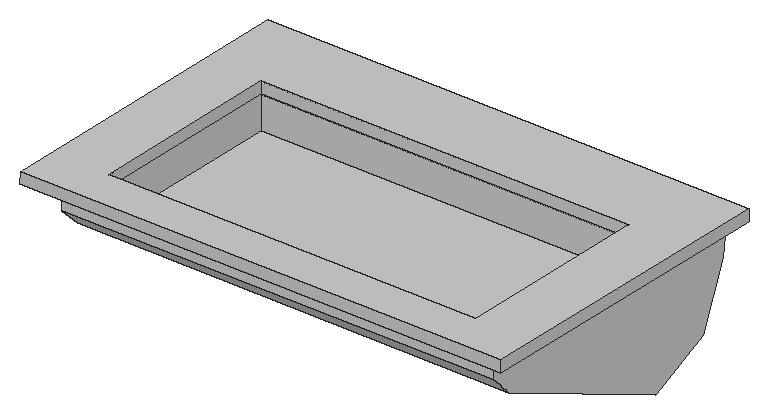
Revit family "Lighting-Steplight-Lucifer-ISL2", category Lighting Fixtures, host Face, Revit 2016
Family settings
  Host = Face
  Part Type = Normal
  Round Connector Dimension = Use Diameter
  Cut with Voids When Loaded = No
  Light Source = Yes
  Shared = No
  Room Calculation Point = No
Parameters
  Wattage = 9.2903 W
  built-in parameter 1150110 = 1 (stored number, unit not read)
  Voltage = 0 V
  URL = "http://www.luciferlighting.com/"
  built-in parameter 1114217 = 1 (stored number, unit not read)
  Tilt Angle = -90.00°
  built-in parameter 1150109 = 1 (stored number, unit not read)
  built-in parameter 1150134 = 3
  built-in parameter 1150113 = 1 (stored number, unit not read)
  Power Factor = 1
  Photometric Web File = "Load File"
  Number of Poles = 1
  built-in parameter 1150142 = (empty or 0)
  Model = "ISL2"
  Manufacturer = "Lucifer Lighting"
  built-in parameter 1150105 = 109.82 (stored number, unit not read)
  Lumens = 1380 lm
  built-in parameter 1150115 = 1 (stored number, unit not read)
  built-in parameter 1150137 = (empty or 0)
  built-in parameter 1150139 = (empty or 0)
  built-in parameter 1150112 = 1 (stored number, unit not read)
  built-in parameter 1150114 = 1 (stored number, unit not read)
  Lamp = "LED"
  built-in parameter 1150132 = (empty or 0)
  built-in parameter 1150102 = (empty or 0)
  built-in parameter 1150107 = 3200 (stored number, unit not read)
  built-in parameter 1150138 = (empty or 0)
  built-in parameter 1150106 = 1.0982 (stored number, unit not read)
  Width = 0' - 4 9/32"
  Length = 0' - 4 9/32"
  Emit from Rectangle Width = 0' - 1 179/256"
  Emit from Rectangle Length = 0' - 3 69/256"
  Emit Shape Visible in Rendering = no
  built-in parameter 1150104 = 13.8 (stored number, unit not read)
  Dimming Lamp Color Temperature Shift = <None>
  Description = "Steplight"
  Default Elevation = 4' - 0"
  Color Filter = 16777215
  built-in parameter 1114218 = 1 (stored number, unit not read)
  built-in parameter 1150133 = 10 (stored number, unit not read)
  Apparent Load = 0 VA
Reference planes (in)
  plane 1 "Center (Front/Back)": y = 0
  plane 2: z = 0
  plane 3 "Center (Left/Right)": x = 0
  plane 4: x = 2.14063
  plane 5: x = -2.14062
  plane 6: z = 3.18569
Forms (in)
  Extrusion 1, solid, material "Silver"
    sketch origin (0, -1.08605, 0.09386) x (0, 0, -1) y (0, 1, 0)
      loop
        line (0, 2.75) -> (0, 0) -> (0.10065, 0) -> (0.10065, 2.75) -> (0, 2.75)
    from -2.14063 to 2.14062
  Extrusion 2, solid, material "Silver"
    sketch origin (0, -1.08605, 0.09386) x (0, 0, -1) y (0, 1, 0)
      loop
        line (0.10065, 2.72868) -> (0.10065, 0.13566) -> (0.28145, 0.13566) -> (0.45612, 0.31034) -> (1.18955, 1.94458) -> (0.94935, 2.45968) -> (0.42205, 2.68351) -> (0.10065, 2.72868)
    from -1.88055 to 1.96359
  Extrusion 3, void
    sketch origin (0, 0, 0) x (1, 0, 0) y (0, 1, 0)
      loop
        line (-1.635, 0.96374) -> (-1.635, -0.73626) -> (1.635, -0.73626) -> (1.635, 0.96374) -> (-1.635, 0.96374)
    from -0.30011 to 0.09386
Cuts and joins
  Extrusion 3 cuts Extrusion 1
  Extrusion 3 cuts Extrusion 2
Dimensions and locks (in)
  equal spacing: plane 5, plane 3 "Center (Left/Right)", plane 4
  "Length": plane 5 to plane 4
  aligned and locked: plane 2 to host face
  aligned and locked: level to host face
Automatic sketch dimensions
  host sketch curve to host sketch curve = 8' - 0"  (x2)
  level to Extrusion 1 sketch curve = 0' - 0.09386"
  Extrusion 1 sketch curve to Extrusion 1 sketch curve = 0' - 0.10065"
  plane 1 "Center (Front/Back)" to Extrusion 1 sketch curve = 0' - 1.08605"
  Extrusion 2 sketch curve to level = 0' - 0.00679"
  Extrusion 2 sketch curve to Extrusion 2 sketch curve = 0' - 0.1808"
  Extrusion 2 sketch curve to level = 0' - 0.36226"
  Extrusion 2 sketch curve to level = 0' - 0.32819"
  Extrusion 2 sketch curve to level = 0' - 0.85549"
  Extrusion 2 sketch curve to Extrusion 2 sketch curve = 0' - 0.24019"
  plane 1 "Center (Front/Back)" to Extrusion 2 sketch curve = 0' - 0.95038"
  plane 1 "Center (Front/Back)" to Extrusion 2 sketch curve = 0' - 0.77571"
  Extrusion 2 sketch curve to plane 1 "Center (Front/Back)" = 0' - 0.85853"
  Extrusion 2 sketch curve to Extrusion 2 sketch curve = 0' - 0.5151"
  Extrusion 2 sketch curve to Extrusion 2 sketch curve = 0' - 0.22383"
  Extrusion 2 sketch curve to Extrusion 2 sketch curve = 0' - 0.04517"
  plane 5 to Extrusion 3 sketch curve = 0' - 0.50563"
  Extrusion 3 sketch curve to plane 4 = 0' - 0.50562"
  plane 1 "Center (Front/Back)" to Extrusion 3 sketch curve = 0' - 0.73626"
  Extrusion 3 sketch curve to plane 1 "Center (Front/Back)" = 0' - 0.96374"
  Extrusion 1 sketch curve to plane 1 "Center (Front/Back)" = 0' - 1.66395"
Connectors (in)
  electrical at (1.96359, 0.3994, -0.40612), driven by "Number of Poles", driven by "Voltage", driven by "Apparent Load", driven by "Power Factor"
    settings: on cut or joined group of Extrusion 2, Extrusion 3, index 1, voltage 0 V, apparent load 0 VA, apparent load phase1 0 VA, apparent load phase2 0 VA, apparent load phase3 0 VA, power factor 1, load classification "Other", number of poles 1, system type 31, power factor state 1, is connector primary yes, connector utility no, sub classification motor no, connector description ""
